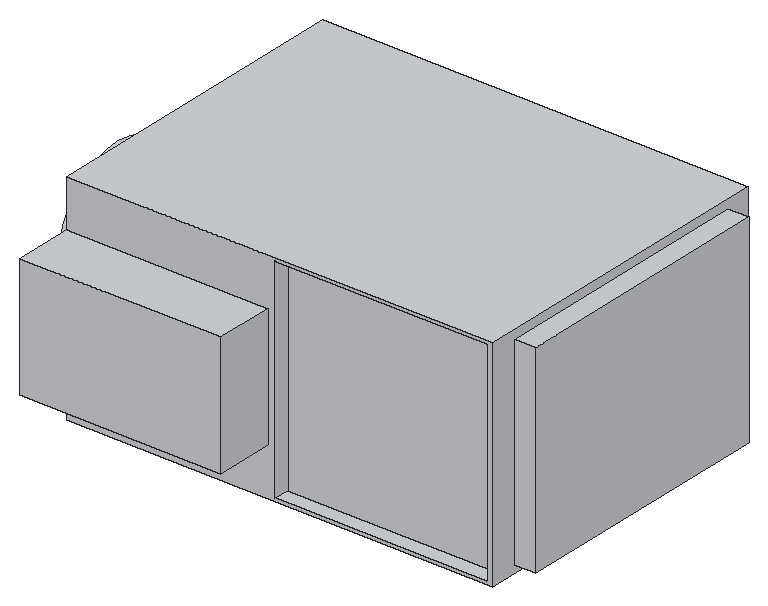
Revit family "d84ae0f377fb402e9a4102128bb18625", category Mechanical Equipment, Revit 2021
Family settings
  Round Connector Dimension = Use Radius
  Part Type = Normal
  OmniClass Number = 23.75.70.21.24.14
  OmniClass Title = Variable Volume Air Terminal Units
  Seek Item ID = VAV Unit - Fan Powered - Series Flow-0000-USA-ENU
  Work Plane-Based = No
  Always vertical = Yes
  Cut with Voids When Loaded = No
  Shared = No
  Room Calculation Point = No
Parameters (values of type "14"")
  Voltage = 277 V
  Primary Air Pressure Drop [instance] = 0.48 in-wg
  Primary Air Inlet Radius = 7"
  Primary Air Inlet Diameter [instance] = Primary Air Inlet Radius * 2  # 14"
  Primary Air Flow [instance] = 1550 CFM
  Plenum Air Pressure Drop [instance] = 0.24 in-wg
  Plenum Air Inlet Length = 20"
  Plenum Air Inlet Height = 20"
  Plenum Air Flow [instance] = 1200 CFM
  Overall Length = 3' - 4"
  Outlet Air Flow [instance] = 0 CFM
  Number of Poles = 1
  Load Classification = Cooling
  Default Elevation = 0' - 0"
  Box Material = none
  Assembly Code = ""
  Apparent Load = 1084 VA
  Air Outlet Width = 25"
  Air Outlet Height = 19"
  Air Outlet Half Width = Air Outlet Width * 1 / 2  # 1' - 0 1/2"
  Air Outlet Half Height = Air Outlet Height * 1 / 2  # 0' - 9 1/2"
Types (6): name | Primary Air Pressure Drop | Primary Air Inlet Radius | Primary Air Inlet Diameter | Primary Air Flow | Plenum Air Pressure Drop | Plenum Air Inlet Length | Plenum Air Inlet Height | Plenum Air Flow | Overall Length | Apparent Load | Air Outlet Width | Air Outlet Height | Air Outlet Half Width | Air Outlet Half Height
  5" | 0.09 in-wg | 2 1/2" | 5" | 350 CFM | 0.00 in-wg | 14" | 14" | 150 CFM | 2' - 10" | 136 VA | 14" | 17" | 0' - 7" | 0' - 8 1/2"
  12" | 0.51 in-wg | 6" | 12" | 1550 CFM | 0.14 in-wg | 20" | 20" | 900 CFM | 3' - 4" | 542 VA | 25" | 19" | 1' - 0 1/2" | 0' - 9 1/2"
  6" | 0.16 in-wg | 3" | 6" | 500 CFM | 0.00 in-wg | 20" | 16" | 50 CFM | 3' - 4" | 362 VA | 19" | 16" | 0' - 9 1/2" | 0' - 8"
  8" | 0.44 in-wg | 4" | 8" | 900 CFM | 0.02 in-wg | 20" | 16" | 300 CFM | 3' - 4" | 362 VA | 19" | 16" | 0' - 9 1/2" | 0' - 8"
  10" | 0.54 in-wg | 5" | 10" | 1400 CFM | 0.07 in-wg | 20" | 16" | 600 CFM | 3' - 4" | 542 VA | 25" | 16" | 1' - 0 1/2" | 0' - 8"
  14" | 0.48 in-wg | 7" | 14" | 1550 CFM | 0.24 in-wg | 20" | 20" | 1200 CFM | 3' - 4" | 1084 VA | 25" | 19" | 1' - 0 1/2" | 0' - 9 1/2"
Reference planes (in)
  plane 1 "Center (Front/Back)": y = 0
  plane 2: z = 0
  plane 3 "Center (Left/Right)": x = 0
  plane 4: x = 40
  plane 5: z = 20.5
  plane 6 "Center Line": z = 10.25
  plane 7: y = -12.5
  plane 8: y = 12.5
  plane 9: y = 15
  plane 10: y = -15
  plane 11: z = 19.75
  plane 12: z = 0.75
  plane 13: z = 16
  plane 14: z = 4.5
  plane 15: y = -20.5
  plane 16: x = -4
  plane 17 "4"": y = -11
  plane 18: y = 3
  plane 19: x = 18.875
  plane 20: y = -13.5
  plane 21: x = 39.5
  plane 22: x = 19.5
  plane 23: z = 20.25
  plane 24: z = 0.25
  plane 25: x = 42
  plane 26: y = -4
Forms (in)
  Extrusion 1, solid, material <- "Box Material"
    sketch origin (0, 0, 0) x (1, 0, 0) y (0, 1, 0)
      loop
        line (0, 15) -> (0, -15) -> (40, -15) -> (40, 15) -> (0, 15)
    from 0 to 20.5
  Extrusion 2, solid, material <- "Box Material"
    sketch origin (0, 0, 0) x (1, 0, 0) y (0, 1, 0)
      loop
        line (0, -15) -> (0, -20.5) -> (18.875, -20.5) -> (18.875, -15) -> (0, -15)
    from 4.5 to 16
  Extrusion 3, solid, material <- "Box Material"
    sketch origin (0, 0.55914, 0) x (0, 1, 0) y (0, 0, 1)
      loop
        circle (-4.55914, 10.25) r 7
    from 0 to -4
  Extrusion 4, void, detail levels medium+fine
    sketch origin (0, 0, 0) x (1, 0, 0) y (0, 1, 0)
      loop
        line (19.5, -13.5) -> (19.5, -15) -> (39.5, -15) -> (39.5, -13.5) -> (19.5, -13.5)
    from 0.25 to 20.25
  Extrusion 5, solid, material <- "Box Material", detail levels medium+fine
    sketch origin (0, 0, 0) x (1, 0, 0) y (0, 1, 0)
      loop
        line (40, 12.5) -> (40, -12.5) -> (42, -12.5) -> (42, 12.5) -> (40, 12.5)
    from 0.75 to 19.75
Cuts and joins
  Extrusion 4 cuts Extrusion 1
Dimensions and locks (in)
  "Overall Length": plane 4 to plane 3 "Center (Left/Right)"
  "Air Outlet Half Width": plane 7 to plane 1 "Center (Front/Back)"
  "Air Outlet Half Width": plane 1 "Center (Front/Back)" to plane 8
  locked: plane 8 to plane 9 at 2.5
  plane 10 to plane 7 = 0' - 2 1/2"
  "Air Outlet Half Height": plane 11 to plane 6 "Center Line"
  "Air Outlet Half Height": plane 6 "Center Line" to plane 12
  locked: plane 12 to plane 2 at 0.75
  locked: plane 5 to plane 11 at 0.75
  locked: plane 13 to plane 6 "Center Line" at 5.75
  locked: plane 6 "Center Line" to plane 14 at 5.75
  locked: plane 15 to plane 10 at 5.5
  locked: plane 10 to plane 17 "4"" at 4
  "Primary Air Inlet Diameter": plane 18 to plane 17 "4""
  locked: plane 16 to plane 3 "Center (Left/Right)" at 4
  locked: plane 3 "Center (Left/Right)" to plane 19 at 18.875
  locked: plane 10 to plane 20 at 1.5
  locked: plane 21 to plane 4 at 0.5
  "Plenum Air Inlet Length": plane 22 to plane 21
  equal spacing: plane 23, plane 6 "Center Line", plane 24
  "Plenum Air Inlet Height": plane 23 to plane 24
  locked: plane 4 to plane 25 at 2
  "Primary Air Inlet Radius": plane 26 to plane 17 "4""
  "Primary Air Inlet Radius": radius of Extrusion 3 sketch curve
  aligned and locked: plane 3 "Center (Left/Right)" to Extrusion 1 sketch curve
  aligned and locked: Extrusion 1 sketch curve to plane 4
  aligned and locked: plane 3 "Center (Left/Right)" to Extrusion 2 sketch curve
  aligned and locked: plane 9 to Extrusion 1
  aligned and locked: plane 10 to Extrusion 1
  aligned and locked: Extrusion 1 to plane 2
  aligned and locked: plane 5 to Extrusion 1
  aligned and locked: Extrusion 2 to plane 10  (x2)
  aligned and locked: plane 13 to Extrusion 2
  aligned and locked: Extrusion 2 to plane 14
  aligned and locked: Extrusion 2 to plane 15
  aligned and locked: Extrusion 3 to plane 16
  aligned and locked: Extrusion 2 to plane 19
  aligned and locked: plane 3 "Center (Left/Right)" to Extrusion 3
  aligned and locked: plane 10 to cut or joined group of Extrusion 1, Extrusion 4
  aligned and locked: plane 20 to cut or joined group of Extrusion 1, Extrusion 4
  aligned and locked: plane 21 to cut or joined group of Extrusion 1, Extrusion 4
  aligned and locked: cut or joined group of Extrusion 1, Extrusion 4 to plane 22
  aligned and locked: plane 23 to cut or joined group of Extrusion 1, Extrusion 4
  aligned and locked: plane 24 to cut or joined group of Extrusion 1, Extrusion 4
  aligned and locked: Extrusion 5 to plane 4
  aligned and locked: Extrusion 5 to plane 25
  aligned and locked: Extrusion 5 to plane 12
  aligned and locked: plane 11 to Extrusion 5
  aligned and locked: plane 8 to Extrusion 5
  aligned and locked: Extrusion 5 to plane 7
  aligned and locked: plane 6 "Center Line" to Extrusion 3 sketch curve
  aligned and locked: plane 26 to Extrusion 3 sketch curve
Automatic sketch dimensions
  plane 1 "Center (Front/Back)" to Extrusion 1 sketch curve = 1' - 3"
  Extrusion 1 sketch curve to plane 1 "Center (Front/Back)" = 1' - 3"
  plane 3 "Center (Left/Right)" to Extrusion 2 sketch curve = 1' - 6 7/8"
  plane 1 "Center (Front/Back)" to Extrusion 2 sketch curve = 1' - 8 1/2"
  Extrusion 2 sketch curve to Extrusion 2 sketch curve = 0' - 5 1/2"
  Extrusion 4 sketch curve to plane 10 = 0' - 0"
  Extrusion 4 sketch curve to plane 22 = 0' - 0"
  Extrusion 4 sketch curve to plane 21 = 0' - 0"
  Extrusion 4 sketch curve to plane 20 = 0' - 0"
  Extrusion 5 sketch curve to plane 17 "4"" = 0' - 1 1/2"
  plane 21 to Extrusion 5 sketch curve = 0' - 0 1/2"
  plane 4 to Extrusion 5 sketch curve = 0' - 2"
  plane 18 to Extrusion 5 sketch curve = 0' - 9 1/2"
Connectors (in)
  hvac at (-4, -4, 10.25), driven by "Primary Air Flow", driven by "Primary Air Inlet Radius"
    settings: on Extrusion 3, index 1, duct flow 1550 CFM, flow factor 0, pres drop 0.00 in-wg, loss coef 0, conn angle 0.00°, conn width 12", conn height 12", conn diameter 14", duct sys type 1, conn prof type 0, flow config 0, flow direction 1, loss method 4, conn ref index -1, conn util no, is conn primary yes, conn desc ""
  hvac at (29.5, -13.5, 10.25), driven by "Plenum Air Flow", driven by "Plenum Air Pressure Drop", driven by "Plenum Air Inlet Height", driven by "Plenum Air Inlet Length"
    settings: on cut or joined group of Extrusion 1, Extrusion 4, index 2, duct flow 1200 CFM, flow factor 0, pres drop 0.24 in-wg, loss coef 0, conn angle 0.00°, conn width 20", conn height 20", conn diameter 24", duct sys type 2, conn prof type 1, flow config 0, flow direction 1, loss method 4, conn ref index -1, conn util no, is conn primary no, conn desc ""
  hvac at (42, 0, 10.25), driven by "Outlet Air Flow", driven by "Air Outlet Height", driven by "Air Outlet Width", driven by "Primary Air Pressure Drop"
    settings: on Extrusion 5, index 3, duct flow 0 CFM, flow factor 0, pres drop 0.48 in-wg, loss coef 0, conn angle 0.00°, conn width 25", conn height 19", conn diameter 24", duct sys type 1, conn prof type 1, flow config 0, flow direction 2, loss method 4, conn ref index -1, conn util no, is conn primary no, conn desc ""
  electrical at (9.4375, -20.5, 10.25), driven by "Apparent Load", driven by "Voltage", driven by "Number of Poles", driven by "Load Classification"
    settings: on Extrusion 2, index 4, voltage 277 V, apparent load 1084 VA, apparent load phase1 0 VA, apparent load phase2 0 VA, apparent load phase3 0 VA, power factor 0.8, load classification "Cooling", number of poles 1, system type 30, power factor state 1, is connector primary yes, connector utility no, sub classification motor no, connector description ""
